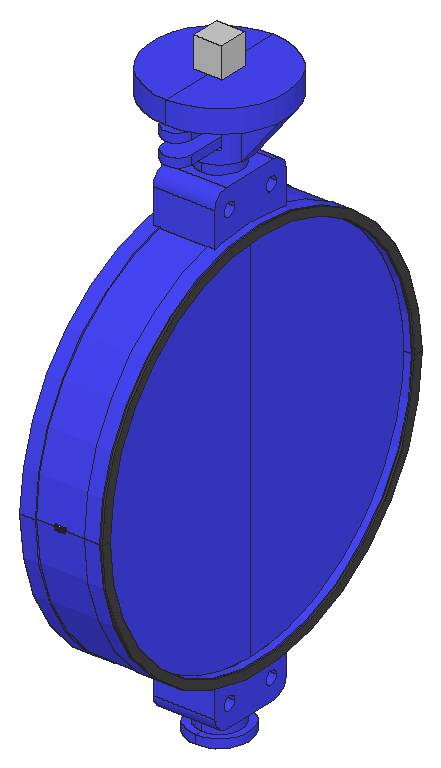
Revit family "926-12-001-DN50-1000", category Pipe Accessories, Revit 2022
Family settings
  Round Connector Dimension = Use Diameter
  Part Type = Valve - Breaks Into
  Work Plane-Based = No
  Always vertical = Yes
  Cut with Voids When Loaded = No
  Shared = No
Parameters (values of type "DN1000_PN10")
  total_FL_legth = A - L  # 208.5 mm
  rib_Loctn = Body_rib_L * 0.4  # 46 mm
  logo = Bore_R + Body_T + 2 mm  # 522 mm
  bottom_Shaft_T = Body_rib_W * 0.4  # 22 mm
  bottom_Shaft_R = Body_rib_L * 0.68  # 78.2 mm
  Wedge = A / 1.3  # 166.154 mm
  URL_product_pages = "https://www.avkvalves.com/P.aspx?no=92605012020140100000"
  Top_Rib = D / 2  # 37.5 mm
  Top_Flange_R_T = Slot_T * 2  # 44 mm
  Top_Flange_R = size_lookup(Search_table, "Top_Flange_R", 0 mm, DN)  # 175 mm
  Top _Flange_dim2 = Body_shaft_R3_T * 2  # 66 mm
  Top _Flange_dim1 = Body_shaft_R3 * 0.68  # 50.83 mm
  Slot_dim1 = size_lookup(Search_table, "Slot_dim1", 0 mm, DN)  # 15 mm
  Slot_T = size_lookup(Search_table, "Slot_T", 0 mm, DN)  # 22 mm
  Search_table = "926-12-001-DN50-1000"
  Seal_R = (FL_R - Bore_R) / 2  # 11 mm
  Rib_T = (FL_T - Raised_dis) / 1.5  # 23.333 mm
  Rib_R = D / 2  # 37.5 mm
  Raised_dis = size_lookup(Search_table, "Raised_dis", 0 mm, DN)  # 5 mm
  Raised_R = size_lookup(Search_table, "Raised_R", 0 mm, DN)  # 556 mm
  PCD = size_lookup(Search_table, "PCD", 0 mm, DN)  # 1160 mm
  L = Raised_dis * 1.5  # 7.5 mm
  Hole_R = size_lookup(Search_table, "Hole_R", 0 mm, DN)  # 18.5 mm
  FL_T = size_lookup(Search_table, "FL_T", 0 mm, DN)  # 40 mm
  FL_R = size_lookup(Search_table, "FL_R", 0 mm, DN)  # 522 mm
  E = size_lookup(Search_table, "E", 0 mm, DN)  # 80 mm
  Description_ = "AVK DBL. ECC. BUTTERFLY VALVE, WAFER, API609B, PN10/16"
  Default Elevation = 0 mm
  DN700_PN16 = "926-700-12-020020100000"
  DN700_PN10 = "926-700-12-010020100000"
  DN600_PN16 = "926-600-12-020040100000"
  DN600_PN10 = "926-600-12-010040100000"
  DN500_PN16 = "926-500-12-020040100000"
  DN500_PN10 = "926-500-12-010040100000"
  DN450_PN16 = "926-450-12-020040100000"
  DN450_PN10 = "926-450-12-010040100000"
  DN400_PN16 = "926-400-12-020040100000"
  DN400_PN10 = "926-400-12-010040100000"
  DN350_PN16 = "926-350-12-020040100000"
  DN350_PN10 = "926-350-12-010040100000"
  DN300_PN16 = "926-300-12-020040100000"
  DN300_PN10 = "926-300-12-010040100000"
  DN250_PN16 = "926-250-12-020040100000"
  DN250_PN10 = "926-250-12-010040100000"
  DN200_PN16 = "926-200-12-020040100000"
  DN200_PN10 = "926-200-12-010040100000"
  DN150_PN10/16 = "926-150-12-020040100000"
  DN100_PN10/16 = "926-100-12-020140100000"
  DN1000_PN16 = "926-A10-12-020020100000"
  DN1000_PN10 = "926-A10-12-010020100000"
  DN080_PN10/16 = "926-080-12-020140100000"
  DN050_PN10/16 = "926-050-12-020140100000"
  DN = 1000 mm
  D = size_lookup(Search_table, "D", 0 mm, DN)  # 75 mm
  C = size_lookup(Search_table, "C", 0 mm, DN)  # 856 mm
  Bore_R = size_lookup(Search_table, "Bore_R", 0 mm, DN)  # 500 mm
  Body_shaft_R3_T = size_lookup(Search_table, "Body_shaft_R3_T", 0 mm, DN)  # 33 mm
  Body_shaft_R3 = Body_shaft_R2 * 1.3  # 74.75 mm
  Body_shaft_R2_T = D * 0.8  # 60 mm
  Body_shaft_R2 = Body_rib_L * 0.5  # 57.5 mm
  Body_shaft_R1 = (total_FL_legth - FL_T) / 2  # 84.25 mm
  Body_rib_W = size_lookup(Search_table, "Body_rib_W", 0 mm, DN)  # 55 mm
  Body_rib_L = size_lookup(Search_table, "Body_rib_L", 0 mm, DN)  # 115 mm
  Body_end_shaft_R = (total_FL_legth - 2 * Raised_dis) / 2  # 99.25 mm
  Body_T = size_lookup(Search_table, "Body_T", 0 mm, DN)  # 20 mm
  B = size_lookup(Search_table, "B", 0 mm, DN)  # 700 mm
  A = size_lookup(Search_table, "A", 0 mm, DN)  # 216 mm
Types (25, lengths in mm): name | total_FL_legth | rib_Loctn | logo | bottom_Shaft_T | bottom_Shaft_R | Wedge | Top_Rib | Top_Flange_R_T | Top_Flange_R | Top _Flange_dim2 | Top _Flange_dim1 | Slot_dim1 | Slot_T | Seal_R | Rib_T | Rib_R | Raised_dis | Raised_R | PCD | L | Hole_R | FL_T | FL_R | E | DN700_PN16 | DN700_PN10 | DN600_PN10 | DN1000_PN16 | DN1000_PN10 | DN080_PN10/16 | DN | D | C | Bore_R | Body_shaft_R3_T | Body_shaft_R3 | Body_shaft_R2_T | Body_shaft_R2 | Body_shaft_R1 | Body_rib_W | Body_rib_L | Body_end_shaft_R | Body_T | B | A
  (no name) | 208.5 | 46 | 522 | 22 | 78.2 | 166.154 | 37.5 | 44 | 175 | 66 | 50.83 | 15 | 22 | 11 | 23.333 | 37.5 | 5 | 556 | 1160 | 7.5 | 18.5 | 40 | 522 | 80 | "926-700-12-020020100000" | "926-700-12-010020100000" | "926-600-12-010040100000" | "926-A10-12-020020100000" | "926-A10-12-010020100000" | "926-080-12-020140100000" | 1000 | 75 | 856 | 500 | 33 | 74.75 | 60 | 57.5 | 84.25 | 55 | 115 | 99.25 | 20 | 700 | 216
  DN500_PN10 | 121 | 34.8 | 267 | 15.2 | 59.16 | 97.692 | 23 | 44 | 105 | 40 | 38.454 | 9 | 22 | 14.5 | 15 | 23 | 4 | 291 | 620 | 6 | 14 | 26.5 | 279 | 65 | "926-700-12-020040100000" | "926-700-12-020040100000" | "926-600-12-020040100000" | "926-080-12-020140100000" | "926-A10-12-020140100000" | "926-A10-12-020140100000" | 500 | 46 | 511 | 250 | 20 | 56.55 | 36.8 | 43.5 | 47.25 | 38 | 87 | 56.5 | 15 | 380 | 127
  DN050_PN10/16 | 40 | 6 | 35 | 3.2 | 10.2 | 33.077 | 4.5 | 12 | 45 | 8 | 6.63 | 4 | 6 | 14.5 | 4 | 4.5 | 2 | 49.5 | 120 | 3 | 4 | 8 | 54 | 18 | "926-700-12-020040100000" | "926-700-12-020040100000" | "926-600-12-020040100000" | "926-080-12-020140100000" | "926-A10-12-020140100000" | "926-A10-12-020140100000" | 50 | 9 | 110 | 25 | 4 | 9.75 | 7.2 | 7.5 | 16 | 8 | 15 | 18 | 8 | 80 | 43
  DN080_PN10/16 | 43 | 8 | 50 | 4.8 | 13.6 | 35.385 | 4.5 | 28 | 45 | 8 | 8.84 | 15 | 14 | 16 | 4 | 4.5 | 2 | 66 | 160 | 3 | 5 | 8 | 72 | 18 | "926-700-12-020040100000" | "926-700-12-020040100000" | "926-600-12-020040100000" | "926-080-12-020140100000" | "926-A10-12-020140100000" | "926-A10-12-020140100000" | 80 | 9 | 185 | 40 | 4 | 13 | 7.2 | 10 | 17.5 | 12 | 20 | 19.5 | 8 | 110 | 46
  DN100_PN10/16 | 49 | 10 | 62 | 6 | 17 | 40 | 5.5 | 28 | 45 | 10 | 11.05 | 15 | 14 | 15.5 | 4 | 5.5 | 2 | 78 | 180 | 3 | 6 | 8 | 81 | 20 | "926-700-12-020040100000" | "926-700-12-020040100000" | "926-600-12-020040100000" | "926-080-12-020140100000" | "926-A10-12-020140100000" | "926-A10-12-020140100000" | 100 | 11 | 202 | 50 | 5 | 16.25 | 8.8 | 12.5 | 20.5 | 15 | 25 | 22.5 | 10 | 130 | 52
  DN200_PN10 | 55.5 | 20.8 | 114 | 8.8 | 35.36 | 46.154 | 11 | 30 | 62.5 | 20 | 22.984 | 21 | 15 | 16.375 | 11.333 | 11 | 3 | 133 | 295 | 4.5 | 11.5 | 20 | 132.75 | 30 | "926-700-12-020040100000" | "926-700-12-020040100000" | "926-600-12-020040100000" | "926-080-12-020140100000" | "926-A10-12-020140100000" | "926-A10-12-020140100000" | 200 | 22 | 320 | 100 | 10 | 33.8 | 17.6 | 26 | 17.75 | 22 | 52 | 24.75 | 12 | 200 | 60
  DN200_PN16 | 55.5 | 20.8 | 116 | 8.8 | 35.36 | 46.154 | 11 | 50 | 62.5 | 20 | 22.984 | 21 | 25 | 16.375 | 11.333 | 11 | 3 | 133 | 295 | 4.5 | 11.5 | 20 | 132.75 | 30 | "926-700-12-020040100000" | "926-700-12-020040100000" | "926-600-12-020040100000" | "926-080-12-020140100000" | "926-A10-12-020140100000" | "926-A10-12-020140100000" | 200.1 | 22 | 320 | 100 | 10 | 33.8 | 17.6 | 26 | 17.75 | 22 | 52 | 24.75 | 14 | 200 | 60
  DN250_PN10 | 63.5 | 22.4 | 141 | 9.6 | 38.08 | 52.308 | 13.5 | 40 | 75 | 24 | 24.752 | 6 | 20 | 16.25 | 12.667 | 13.5 | 3 | 159.5 | 350 | 4.5 | 11.5 | 22 | 157.5 | 36 | "926-700-12-020040100000" | "926-700-12-020040100000" | "926-600-12-020040100000" | "926-080-12-020140100000" | "926-A10-12-020140100000" | "926-A10-12-020140100000" | 250 | 27 | 340 | 125 | 12 | 36.4 | 21.6 | 28 | 20.75 | 24 | 56 | 28.75 | 14 | 222 | 68
  DN250_PN16 | 63.5 | 22.4 | 131 | 9.6 | 38.08 | 52.308 | 13.5 | 40 | 75 | 24 | 24.752 | 6 | 20 | 17.375 | 12.667 | 13.5 | 3 | 159.5 | 355 | 4.5 | 11 | 22 | 159.75 | 36 | "926-700-12-020040100000" | "926-700-12-020040100000" | "926-600-12-020040100000" | "926-080-12-020140100000" | "926-A10-12-020140100000" | "926-A10-12-020140100000" | 250.1 | 27 | 340 | 125 | 12 | 36.4 | 21.6 | 28 | 20.75 | 24 | 56 | 28.75 | 4 | 222 | 68
  DN300_PN10 | 72 | 24 | 166 | 12 | 40.8 | 60 | 13.5 | 40 | 75 | 24 | 26.52 | 6 | 20 | 15 | 13.667 | 13.5 | 4 | 185 | 400 | 6 | 11.5 | 24.5 | 180 | 41 | "926-700-12-020040100000" | "926-700-12-020040100000" | "926-600-12-020040100000" | "926-080-12-020140100000" | "926-A10-12-020140100000" | "926-A10-12-020140100000" | 300 | 27 | 390 | 150 | 12 | 39 | 21.6 | 30 | 23.75 | 30 | 60 | 32 | 14 | 260 | 78
  DN300_PN16 | 72 | 24 | 166 | 12 | 40.8 | 60 | 13.5 | 40 | 75 | 24 | 26.52 | 6 | 20 | 17.25 | 13.667 | 13.5 | 4 | 185 | 410 | 6 | 12 | 24.5 | 184.5 | 41 | "926-700-12-020040100000" | "926-700-12-020040100000" | "926-600-12-020040100000" | "926-080-12-020140100000" | "926-A10-12-020140100000" | "926-A10-12-020140100000" | 300.1 | 27 | 390 | 150 | 12 | 39 | 21.6 | 30 | 23.75 | 30 | 60 | 32 | 14 | 260 | 78
  DN350_PN10 | 72 | 26.8 | 191 | 12.4 | 45.56 | 60 | 18 | 44 | 75 | 32 | 29.614 | 7 | 22 | 16 | 13.667 | 18 | 4 | 214.5 | 460 | 6 | 11.5 | 24.5 | 207 | 41 | "926-700-12-020040100000" | "926-700-12-020040100000" | "926-600-12-020040100000" | "926-080-12-020140100000" | "926-A10-12-020140100000" | "926-A10-12-020140100000" | 350 | 36 | 420 | 175 | 16 | 43.55 | 28.8 | 33.5 | 23.75 | 31 | 67 | 32 | 14 | 290 | 78
  DN350_PN16 | 72 | 26.8 | 191 | 12.4 | 45.56 | 60 | 18 | 44 | 75 | 32 | 29.614 | 7 | 22 | 18.25 | 15 | 18 | 4 | 214.5 | 470 | 6 | 13 | 26.5 | 211.5 | 41 | "926-700-12-020040100000" | "926-700-12-020040100000" | "926-600-12-020040100000" | "926-080-12-020140100000" | "926-A10-12-020140100000" | "926-A10-12-020140100000" | 350.1 | 36 | 420 | 175 | 16 | 43.55 | 28.8 | 33.5 | 22.75 | 31 | 67 | 32 | 14 | 290 | 78
  DN400_PN10 | 96 | 28 | 217 | 16.8 | 47.6 | 78.462 | 18 | 44 | 87.5 | 32 | 30.94 | 7 | 22 | 15.875 | 13.667 | 18 | 4 | 240 | 515 | 6 | 14 | 24.5 | 231.75 | 41 | "926-700-12-020040100000" | "926-700-12-020040100000" | "926-600-12-020040100000" | "926-080-12-020140100000" | "926-A10-12-020140100000" | "926-A10-12-020140100000" | 400 | 36 | 451 | 200 | 16 | 45.5 | 28.8 | 35 | 35.75 | 42 | 70 | 44 | 15 | 350 | 102
  DN400_PN16 | 96 | 28 | 217 | 16.8 | 47.6 | 78.462 | 18 | 44 | 87.5 | 32 | 30.94 | 7 | 22 | 18.125 | 16 | 18 | 4 | 240 | 525 | 6 | 14 | 28 | 236.25 | 41 | "926-700-12-020040100000" | "926-700-12-020040100000" | "926-600-12-020040100000" | "926-080-12-020140100000" | "926-A10-12-020140100000" | "926-A10-12-020140100000" | 400.1 | 36 | 451 | 200 | 16 | 45.5 | 28.8 | 35 | 34 | 42 | 70 | 44 | 15 | 350 | 102
  DN450_PN10 | 108 | 31.2 | 243 | 16.4 | 53.04 | 87.692 | 18 | 44 | 105 | 32 | 34.476 | 7 | 22 | 14.625 | 14.333 | 18 | 4 | 265 | 565 | 6 | 14 | 25.5 | 254.25 | 38 | "926-700-12-020040100000" | "926-700-12-020040100000" | "926-600-12-020040100000" | "926-080-12-020140100000" | "926-A10-12-020140100000" | "926-A10-12-020140100000" | 450 | 36 | 492 | 225 | 16 | 50.7 | 28.8 | 39 | 41.25 | 41 | 78 | 50 | 16 | 360 | 114
  DN450_PN16 | 108 | 31.2 | 243 | 16.4 | 53.04 | 87.692 | 18 | 44 | 105 | 32 | 34.476 | 7 | 22 | 19.125 | 17.333 | 18 | 4 | 274 | 585 | 6 | 15 | 30 | 263.25 | 38 | "926-700-12-020040100000" | "926-700-12-020040100000" | "926-600-12-020040100000" | "926-080-12-020140100000" | "926-A10-12-020140100000" | "926-A10-12-020140100000" | 450.1 | 36 | 492 | 225 | 16 | 50.7 | 28.8 | 39 | 39 | 41 | 78 | 50 | 16 | 360 | 114
  DN500_PN16 | 121 | 34.8 | 267 | 15.2 | 59.16 | 97.692 | 23 | 44 | 105 | 40 | 38.454 | 9 | 22 | 21.25 | 18.333 | 23 | 4 | 304.5 | 650 | 6 | 16 | 31.5 | 292.5 | 65 | "926-700-12-020020100000" | "926-700-12-020020100000" | "926-600-12-020040100000" | "926-080-12-020120100000" | "926-A10-12-020120100000" | "926-A10-12-020140100000" | 500.1 | 46 | 511 | 250 | 20 | 56.55 | 36.8 | 43.5 | 44.75 | 38 | 87 | 56.5 | 15 | 380 | 127
  DN600_PN10 | 146.5 | 38.8 | 319 | 18 | 65.96 | 118.462 | 27.5 | 30 | 150 | 48 | 42.874 | 11 | 15 | 13.125 | 16.667 | 27.5 | 5 | 341 | 725 | 7.5 | 15.5 | 30 | 326.25 | 70 | "926-700-12-020040100000" | "926-700-12-020040100000" | "926-600-12-020040100000" | "926-080-12-020140100000" | "926-A10-12-020140100000" | "926-A10-12-020140100000" | 600 | 55 | 561 | 300 | 24 | 63.05 | 44 | 48.5 | 58.25 | 45 | 97 | 68.25 | 17 | 450 | 154
  DN600_PN16 | 146.5 | 38.8 | 319 | 12 | 65.96 | 118.462 | 27.5 | 30 | 150 | 20 | 42.874 | 11 | 15 | 23.25 | 20.667 | 27.5 | 5 | 360 | 750 | 7.5 | 15.5 | 36 | 346.5 | 70 | "926-700-12-020040100000" | "926-700-12-020040100000" | "926-600-12-020040100000" | "926-080-12-020140100000" | "926-A10-12-020140100000" | "926-A10-12-020140100000" | 600.1 | 55 | 561 | 300 | 10 | 63.05 | 44 | 48.5 | 55.25 | 30 | 97 | 68.25 | 17 | 450 | 154
  DN700_PN10 | 157.5 | 42 | 370 | 16 | 71.4 | 126.923 | 40 | 30 | 150 | 70 | 46.41 | 16 | 15 | 14 | 18.333 | 40 | 5 | 397 | 840 | 7.5 | 15.5 | 32.5 | 378 | 110 | "926-700-12-020040100000" | "926-700-12-020040100000" | "926-600-12-020040100000" | "926-080-12-020140100000" | "926-A10-12-020140100000" | "926-A10-12-020140100000" | 700 | 80 | 655 | 350 | 35 | 68.25 | 64 | 52.5 | 62.5 | 40 | 105 | 73.75 | 18 | 500 | 165
  DN700_PN16 | 157.5 | 42 | 370 | 16 | 71.4 | 126.923 | 40 | 30 | 150 | 70 | 46.41 | 16 | 15 | 14 | 18.333 | 40 | 5 | 397 | 840 | 7.5 | 15.5 | 32.5 | 378 | 110 | "926-700-12-020040100000" | "926-700-12-020040100000" | "926-600-12-020040100000" | "926-080-12-020140100000" | "926-A10-12-020140100000" | "926-A10-12-020140100000" | 700 | 80 | 655 | 350 | 35 | 68.25 | 64 | 52.5 | 62.5 | 40 | 105 | 73.75 | 18 | 500 | 165
  DN150_PN10/16 | 53 | 12.8 | 89 | 8 | 21.76 | 43.077 | 8.5 | 44 | 62.5 | 14 | 14.144 | 18 | 22 | 16.5 | 5.333 | 8.5 | 2 | 105.5 | 240 | 3 | 8 | 10 | 108 | 27 | "926-700-12-020040100000" | "926-700-12-020040100000" | "926-600-12-020040100000" | "926-080-12-020140100000" | "926-A10-12-020140100000" | "926-A10-12-020140100000" | 150 | 17 | 280 | 75 | 7 | 20.8 | 13.6 | 16 | 21.5 | 20 | 32 | 24.5 | 12 | 170 | 56
  DN1000_PN10 | 208.5 | 46 | 522 | 22 | 78.2 | 166.154 | 37.5 | 44 | 175 | 66 | 50.83 | 15 | 22 | 11 | 23.333 | 37.5 | 5 | 556 | 1160 | 7.5 | 18.5 | 40 | 522 | 80 | "926-700-12-020020100000" | "926-700-12-010020100000" | "926-600-12-010040100000" | "926-A10-12-020020100000" | "926-A10-12-010020100000" | "926-080-12-020140100000" | 1000 | 75 | 856 | 500 | 33 | 74.75 | 60 | 57.5 | 84.25 | 55 | 115 | 99.25 | 20 | 700 | 216
  DN1000_PN16 | 208.5 | 46 | 522 | 22 | 78.2 | 166.154 | 37.5 | 44 | 175 | 66 | 50.83 | 15 | 22 | 13.25 | 30 | 37.5 | 5 | 556 | 1170 | 7.5 | 18.5 | 50 | 526.5 | 80 | "926-700-12-020040100000" | "926-700-12-020040100000" | "926-600-12-020040100000" | "926-080-12-020140100000" | "926-A10-12-020140100000" | "926-A10-12-020140100000" | 1000.1 | 75 | 856 | 500 | 33 | 74.75 | 60 | 57.5 | 79.25 | 55 | 115 | 99.25 | 20 | 700 | 216
Reference planes
  plane 1 "Center (Front/Back)": y = 0
  plane 2: z = 0
  plane 3 "Center (Left/Right)": x = 0
  plane 4: z = -580
  plane 5: z = 580
  plane 6: x = -104.25
  plane 7: x = 104.25
  plane 8: y = 580
  plane 9: y = -580
  plane 10: x = -104.25
  plane 11: x = 104.25
  plane 12: x = -80.917
  plane 13: x = 80.917
  plane 14: z = -700
  plane 15: y = 115
  plane 16: y = -115
  plane 17: z = -635
  plane 18: z = 635
  plane 19: z = 635
  plane 20: z = 856
  plane 21: y = 23
  plane 22: y = -23
  plane 23: z = 856
  plane 24: z = 936
  plane 25: y = 37.5
  plane 26: y = -37.5
  plane 27: x = -37.5
  plane 28: x = 37.5
  plane 29: z = 796
  plane 30: z = 635
  plane 31: x = -18.75
  plane 32: x = 18.75
  plane 33: z = 500
  plane 34: z = -500
  plane 35: z = 701
  plane 36: z = 635
  plane 37: z = 500
  plane 38: z = 522
  plane 39: z = 796
  plane 40: z = 679
  plane 41: z = 781
  plane 42: z = 759
  plane 43: y = 522
  plane 44: y = 522
  plane 45: y = -522
  plane 46: y = 18.75
  plane 47: y = -18.75
  plane 48: x = -37.5
  plane 49: x = 37.5
  plane 50: x = -108
  plane 51: x = 108
Forms (mm)
  Revolve 1, solid, material "Default"
    sketch origin (0, 0, 0) x (1, 0, 0) y (0, 1, 0)
      loop
        line (-104.25, 500) -> (104.25, 500) -> (104.25, 522) -> (64.25, 522) -> (64.25, 520) -> (-64.25, 520) -> (-64.25, 522) -> (-104.25, 522) -> (-104.25, 500)
      axis (-104.25, 0) -> (104.25, 0)
    angle from 0 to 360
  Revolve 2, solid, material "Default Roof"
    sketch origin (0, 0, 0) x (1, 0, 0) y (0, 1, 0)
      loop
        line (104.25, 522) -> (104.25, 500) -> (111.75, 500) -> (111.75, 522) -> (104.25, 522)
      axis (111.75, 0) -> (104.25, 0)
    angle from 0 to 360
  Extrusion 3, solid, material "Default"
    sketch origin (0, 0, 0) x (0, 1, 0) y (0, 0, 1)
      loop
        line (77.5, 635) -> (-77.5, 635)
        arc (-77.5, 635) -> (-104.017, 624.017) -> (-115, 597.5) r 37.5
        line (-115, 597.5) -> (-115, -597.5)
        arc (-115, -597.5) -> (-104.017, -624.017) -> (-77.5, -635) r 37.5
        line (-77.5, -635) -> (77.5, -635)
        arc (77.5, -635) -> (104.017, -624.017) -> (115, -597.5) r 37.5
        line (115, -597.5) -> (115, 597.5)
        arc (115, 597.5) -> (104.017, 624.017) -> (77.5, 635) r 37.5
    from -80.917 to 80.917
  Revolve 4, solid, material "Default"
    sketch origin (0, 0, 0) x (0, 1, 0) y (0, 0, 1)
      loop
        line (0, -700) -> (0, -635) -> (-57.5, -635) -> (-57.5, -678) -> (-78.2, -678) -> (-78.2, -700) -> (0, -700)
      axis (0, -635) -> (0, -700)
    angle from 0 to 360
  Extrusion 5, void
    sketch origin (0, 2.804, 16.825) x (0, -1, 0) y (0, 0, 1)
      loop
        circle (-66.196, -596.825) r 18.5
      loop
        circle (71.804, -596.825) r 18.5
      loop
        circle (-66.196, 563.175) r 18.5
      loop
        circle (71.804, 563.175) r 18.5
    from -104.25 to 424.302
  Revolve 6, solid, material "Default"
    sketch origin (0, 0, 0) x (0, 1, 0) y (0, 0, 1)
      loop
        line (0, 635) -> (0, 856) -> (-175, 856) -> (-175, 796) -> (-57.5, 796) -> (-57.5, 635) -> (0, 635)
      axis (0, 856) -> (0, 635)
    angle from 0 to 360
  Extrusion 7, solid, material "Laminate, White"
    sketch origin (0, 0, 0) x (0, 1, 0) y (0, 0, 1)
      loop
        line (37.5, 936) -> (-37.5, 936) -> (-37.5, 856) -> (37.5, 856) -> (37.5, 936)
    from -37.5 to 37.5
  Revolve 8, solid, material "Default"
    sketch origin (0, 0, 0) x (0, 1, 0) y (0, 0, 1)
      loop
        line (-74.75, 796) -> (-74.75, 668) -> (0, 668) -> (0, 796) -> (-74.75, 796)
      axis (0, 796) -> (0, 668)
    angle from 0 to 360
  Revolve 9, solid, material "Default"
    sketch origin (0, 0, 0) x (0, 1, 0) y (0, 0, 1)
      loop
        line (0, 796) -> (-57.5, 796) -> (-57.5, 701) -> (0, 701) -> (0, 796)
      axis (0, 701) -> (0, 796)
    angle from 0 to 360
  Revolve 10, void
    sketch origin (0, 0, 0) x (1, 0, 0) y (0, 1, 0)
      loop
        line (-108, 500) -> (-108, 0) -> (108, 0) -> (108, 500) -> (-108, 500)
      axis (108, 0) -> (-108, 0)
    angle from 0 to 360
  Revolve 11, solid, material "Default"
    sketch origin (0, 0, 0) x (1, 0, 0) y (0, 0, 1)
      loop
        line (83.077, 500) -> (-83.077, 500) -> (-83.077, 0) -> (83.077, 0) -> (83.077, 500)
      axis (-83.077, 0) -> (83.077, 0)
    angle from 0 to 360
  Extrusion 12, solid, material "Default"
    sketch origin (0, 0, 0) x (1, 0, 0) y (0, 0, 1)
      loop
        line (-175, 796) -> (-74.75, 668) -> (74.75, 668) -> (175, 796) -> (-175, 796)
    from -18.75 to 18.75
  Extrusion 13, void
    sketch origin (0, 0, 0) x (-1, 0, 0) y (0, 0, 1)
      loop
        line (-50.83, 796) -> (-50.83, 701) -> (50.83, 701) -> (50.83, 796) -> (-50.83, 796)
    from -580 to 522
  Extrusion 14, solid, material "Default"
    sketch origin (0, 56.62, 701) x (0, 1, 0) y (-1, 0, 0)
      loop
        arc (-194.12, 37.5) -> (-231.62, 0) -> (-194.12, -37.5) r 37.5
        line (-194.12, -37.5) -> (80.88, -37.5)
        arc (80.88, -37.5) -> (118.38, 0) -> (80.88, 37.5) r 37.5
        line (80.88, 37.5) -> (-194.12, 37.5)
    from 0 to 22
  Extrusion 15, solid, material "Default"
    sketch origin (0, 119.879, 796) x (0, 1, 0) y (-1, 0, 0)
      loop
        arc (17.621, -37.5) -> (55.121, 0) -> (17.621, 37.5) r 37.5
        line (17.621, 37.5) -> (-257.379, 37.5)
        arc (-257.379, 37.5) -> (-294.879, 0) -> (-257.379, -37.5) r 37.5
        line (-257.379, -37.5) -> (17.621, -37.5)
    from -15 to -37
Cuts and joins
  Extrusion 5, Revolve 10 cuts Extrusion 3
  Revolve 10 cuts Revolve 1
  Revolve 10 cuts Revolve 2
  Extrusion 13 cuts Revolve 6
  Extrusion 13 cuts Revolve 8
  Extrusion 13 cuts Revolve 9
  Extrusion 13 cuts Extrusion 12
Dimensions and locks
  equal spacing: plane 5, level, plane 4
  "PCD": plane 5 to plane 4
  equal spacing: Revolve 1 sketch curve, plane 3 "Center (Left/Right)", Revolve 1 sketch curve  (x2)
  "Bore_R": plane 1 "Center (Front/Back)" to Revolve 1 sketch curve
  "FL_R": plane 1 "Center (Front/Back)" to Revolve 1 sketch curve
  "total_FL_legth": Revolve 1 sketch curve to Revolve 1 sketch curve
  "FL_T": Revolve 1 sketch curve to Revolve 1 sketch curve
  "Body_T": Revolve 1 sketch curve to Revolve 1 sketch curve
  equal spacing: plane 6, plane 3 "Center (Left/Right)", plane 7
  "total_FL_legth": plane 6 to plane 7
  "L": plane 7 to Revolve 2 sketch curve
  equal spacing: plane 8, plane 1 "Center (Front/Back)", plane 9
  "PCD": plane 8 to plane 9
  equal spacing: Extrusion 3 sketch curve, plane 1 "Center (Front/Back)", Extrusion 3 sketch curve
  "Body_rib_L": plane 1 "Center (Front/Back)" to Extrusion 3 sketch curve
  "Body_rib_W": plane 4 to Extrusion 3 sketch curve
  "Body_rib_W": Extrusion 3 sketch curve to plane 5
  equal spacing: Extrusion 3, plane 3 "Center (Left/Right)", Extrusion 3
  equal spacing: plane 11, plane 3 "Center (Left/Right)", plane 10
  "total_FL_legth": plane 11 to plane 10
  equal spacing: plane 12, plane 3 "Center (Left/Right)", plane 13
  "Rib_T": plane 12 to plane 10
  "B": level to plane 14
  "bottom_Shaft_R": plane 1 "Center (Front/Back)" to Revolve 4 sketch curve
  equal spacing: plane 15, plane 1 "Center (Front/Back)", plane 16
  "Body_rib_L": plane 15 to plane 1 "Center (Front/Back)"
  "Body_rib_W": plane 4 to plane 17
  "Body_rib_W": Extrusion 5 sketch curve to plane 17  (x2)
  "rib_Loctn": plane 15 to Extrusion 5 sketch curve  (x2)
  "rib_Loctn": Extrusion 5 sketch curve to plane 16  (x2)
  "Body_rib_W": plane 18 to plane 5
  "Body_rib_W": plane 18 to Extrusion 5 sketch curve  (x2)
  "Body_rib_W": plane 19 to plane 5
  "Body_shaft_R2": plane 1 "Center (Front/Back)" to Revolve 6 sketch curve
  "C": plane 20 to level
  "Top_Flange_R": plane 1 "Center (Front/Back)" to Revolve 6 sketch curve
  "Body_shaft_R2_T": plane 20 to Revolve 6 sketch curve
  "C": plane 23 to plane 2
  "E": plane 24 to plane 23
  equal spacing: plane 25, plane 1 "Center (Front/Back)", plane 26
  "D": plane 25 to plane 26
  equal spacing: plane 28, plane 3 "Center (Left/Right)", plane 27
  "D": plane 28 to plane 27
  "Body_shaft_R2_T": plane 23 to plane 29
  "Body_rib_W": plane 30 to plane 5
  "Body_shaft_R3": plane 1 "Center (Front/Back)" to Revolve 8 sketch curve
  "Body_shaft_R3_T": Revolve 8 sketch curve to plane 30
  equal spacing: plane 32, plane 3 "Center (Left/Right)", plane 31
  "Top_Rib": plane 32 to plane 31
  equal spacing: plane 33, level, plane 34
  "Bore_R": plane 33 to level
  "Bore_R": plane 37 to level
  "FL_R": plane 38 to level
  "Body_rib_W": plane 36 to plane 5
  "Top _Flange_dim2": plane 35 to plane 36
  "Body_shaft_R2_T": plane 23 to plane 39
  "Slot_T": plane 35 to plane 40
  "Slot_dim1": plane 39 to plane 41
  "Slot_T": plane 41 to plane 42
  "Body_shaft_R2": plane 1 "Center (Front/Back)" to Revolve 9 sketch curve
  "Body_rib_W": plane 4 to Revolve 4 sketch curve
  "bottom_Shaft_T": Revolve 4 sketch curve to plane 14
  "Body_shaft_R2": plane 1 "Center (Front/Back)" to Revolve 4 sketch curve
  equal spacing: Revolve 10 sketch curve, plane 3 "Center (Left/Right)", Revolve 10 sketch curve
  "A": Revolve 10 sketch curve to Revolve 10 sketch curve
  "Bore_R": plane 1 "Center (Front/Back)" to Revolve 10 sketch curve
  equal spacing: Revolve 11 sketch curve, plane 3 "Center (Left/Right)", Revolve 11 sketch curve
  "Wedge": Revolve 11 sketch curve to Revolve 11 sketch curve
  "Bore_R": level to Revolve 11 sketch curve
  "FL_R": plane 43 to plane 1 "Center (Front/Back)"
  "FL_R": plane 44 to plane 1 "Center (Front/Back)"
  "Bore_R": plane 1 "Center (Front/Back)" to Revolve 2 sketch curve
  "logo": plane 1 "Center (Front/Back)" to plane 45
  equal spacing: Extrusion 12 sketch curve, plane 3 "Center (Left/Right)", Extrusion 12 sketch curve  (x2)
  "Body_shaft_R2_T": plane 23 to Extrusion 12 sketch curve
  "Top_Flange_R": Extrusion 12 sketch curve to plane 3 "Center (Left/Right)"
  "Body_shaft_R3": Extrusion 12 sketch curve to plane 3 "Center (Left/Right)"
  "Body_shaft_R3_T": Extrusion 12 sketch curve to plane 36
  equal spacing: plane 46, plane 1 "Center (Front/Back)", plane 47
  "Top_Rib": plane 46 to plane 47
  equal spacing: Extrusion 13 sketch curve, plane 3 "Center (Left/Right)", Extrusion 13 sketch curve
  "Top _Flange_dim1": plane 3 "Center (Left/Right)" to Extrusion 13 sketch curve
  "Top _Flange_dim2": plane 36 to Extrusion 13 sketch curve
  Extrusion 13 to plane 5 = 216 mm
  equal spacing: Extrusion 14 sketch curve, plane 3 "Center (Left/Right)", Extrusion 14 sketch curve
  equal spacing: plane 48, plane 3 "Center (Left/Right)", plane 49
  "D": plane 48 to plane 49
  equal spacing: Extrusion 14 sketch curve, plane 1 "Center (Front/Back)", Extrusion 14 sketch curve
  "Top_Flange_R": Extrusion 14 sketch curve to plane 1 "Center (Front/Back)"
  "Slot_T": Extrusion 14 to plane 35
  nested 1 to level = 6.199 mm
  equal spacing: plane 51, plane 3 "Center (Left/Right)", plane 50
  "A": plane 51 to plane 50
  level to plane 14 = 700 mm
  plane 23 to level = 856 mm
  Extrusion 7 to Extrusion 7 = 75 mm
  plane 24 to plane 23 = 80 mm
  "Rib_R": radius of Extrusion 3 sketch curve  (x4)
  "Hole_R": radius of Extrusion 5 sketch curve  (x4)
  aligned and locked: level to plane 2
  aligned and locked: plane 1 "Center (Front/Back)" to Revolve 1 sketch curve
  aligned and locked: Revolve 1 sketch curve to Revolve 1 sketch curve
  aligned and locked: plane 7 to Revolve 2 sketch curve
  aligned and locked: Revolve 2 sketch curve to plane 1 "Center (Front/Back)"
  aligned and locked: Extrusion 3 to plane 12
  aligned and locked: plane 1 "Center (Front/Back)" to Revolve 4 sketch curve  (x2)
  aligned and locked: plane 14 to Revolve 4 sketch curve
  aligned and locked: Extrusion 5 to Revolve 1
  aligned and locked: plane 1 "Center (Front/Back)" to Revolve 6 sketch curve  (x2)
  aligned and locked: plane 19 to Revolve 6 sketch curve
  aligned and locked: plane 23 to Extrusion 7 sketch curve
  aligned and locked: Extrusion 7 sketch curve to plane 24
  aligned and locked: plane 25 to Extrusion 7 sketch curve
  aligned and locked: Extrusion 7 sketch curve to plane 26
  aligned and locked: Extrusion 7 to plane 27
  aligned and locked: plane 28 to Extrusion 7
  aligned and locked: plane 29 to Revolve 8 sketch curve
  aligned and locked: plane 1 "Center (Front/Back)" to Revolve 8 sketch curve
  aligned and locked: plane 1 "Center (Front/Back)" to Revolve 9 sketch curve
  aligned and locked: plane 35 to Revolve 9 sketch curve
  aligned and locked: Revolve 9 sketch curve to plane 39
  aligned and locked: Revolve 9 sketch curve to plane 1 "Center (Front/Back)"
  aligned and locked: Revolve 10 sketch curve to plane 1 "Center (Front/Back)"  (x2)
  aligned and locked: level to Revolve 11 sketch curve
  aligned and locked: Revolve 11 sketch curve to plane 2
  aligned and locked: plane 43 to Revolve 2 sketch curve
  aligned and locked: Extrusion 12 to plane 46
  aligned and locked: Extrusion 12 to plane 47
  aligned and locked: Extrusion 13 sketch curve to plane 39
  aligned and locked: plane 44 to Extrusion 13
  aligned and locked: Extrusion 13 to plane 9
  aligned and locked: Extrusion 14 to plane 35
  aligned and locked: Extrusion 15 sketch curve to Extrusion 14  (x2)
  aligned and locked: Extrusion 15 to plane 42
  aligned and locked: plane 41 to Extrusion 15
  aligned and locked: plane 3 "Center (Left/Right)" to nested 1
  aligned and locked: cut or joined group of Revolve 6, Extrusion 13 to plane 23
Automatic sketch dimensions
  Revolve 1 sketch curve to plane 10 = 0.528 mm
  plane 51 to Revolve 1 sketch curve = 63.528 mm
  Revolve 2 sketch curve to plane 32 = 0.279 mm
  plane 51 to Revolve 2 sketch curve = 4.954 mm
  Revolve 4 sketch curve to Revolve 4 sketch curve = 3 mm
  Revolve 4 sketch curve to level = 10 mm
  Revolve 6 sketch curve to plane 20 = 0 mm
  Revolve 6 sketch curve to plane 14 = 49.404 mm
  Revolve 6 sketch curve to Revolve 6 sketch curve = 155 mm
  Revolve 8 sketch curve to plane 1 "Center (Front/Back)" = 0 mm
  Revolve 8 sketch curve to level = 0 mm
  Revolve 8 sketch curve to plane 37 = 2.5 mm
  plane 42 to Revolve 9 sketch curve = 0.174 mm
  Revolve 9 sketch curve to Revolve 9 sketch curve = 1 mm
  Revolve 10 sketch curve to plane 50 = 47.072 mm
  Revolve 10 sketch curve to Revolve 10 sketch curve = 20 mm
  Revolve 11 sketch curve to plane 50 = 6.888 mm
  Revolve 11 sketch curve to Revolve 11 sketch curve = 25 mm
  Extrusion 14 sketch curve to plane 27 = 0 mm
Nested families
  nested 1: "LXB=26X13" at (0, -520, 0.068) x (1, 0, 0) z (0, -1, 0.0001), type "LXB=26X13"
Connectors
  piping at (-104.25, 0, 0), diameter 1000, driven by "DN"
    settings: on Revolve 1, index 1, connector inside diameter 609.6 mm, connector length 0 mm, flow factor 0, pipe flow 0.0 L/s, pressure drop 0.0 Pa, fitting loss kfactor 0, connector angle 0.00°, fixture units 0, engagement length 0 mm, angle of deflection 0.00°, flow configuration 0, flow direction 0, fitting loss method 0, system type 7, joint type 0, gender type 0, connector reference index -1, connector utility 0, adjustable connector no, is connector primary yes, connector description ""
  piping at (111.75, 0, 0), diameter 1000, driven by "DN"
    settings: on Revolve 2, index 2, connector inside diameter 609.6 mm, connector length 0 mm, flow factor 0, pipe flow 0.0 L/s, pressure drop 0.0 Pa, fitting loss kfactor 0, connector angle 0.00°, fixture units 0, engagement length 0 mm, angle of deflection 0.00°, flow configuration 0, flow direction 0, fitting loss method 0, system type 7, joint type 0, gender type 0, connector reference index -1, connector utility 0, adjustable connector no, is connector primary no, connector description ""
Definition of nested family "LXB=26X13"
  Parameters (values of type "LXB=26X13")
    Default Elevation = 1219.2 mm
    6 = 6 mm  # constant formula
    4 = 4 mm  # constant formula
    3 = 3 mm  # constant formula
    26 = 26 mm  # constant formula
    2 = 2 mm  # constant formula
    13 = 13 mm  # constant formula
    12 = 14 mm  # constant formula
    1 = 1 mm  # constant formula
    0 = 0 mm  # 0.207 mm
  Reference planes
    plane 1 "Center (Front/Back)": y = 0
    plane 2: z = 0
    plane 3 "Center (Left/Right)": x = 0
    plane 4: y = 6
    plane 5: y = -6
    plane 6: y = 3
    plane 7: y = 4
    plane 8: x = -13
    plane 9: x = 14
  Forms (mm)
    Extrusion 1, solid
      sketch origin (0, 0, 0) x (1, 0, 0) y (0, 1, 0)
        loop
          line (-1219.2, 1219.2) -> (-1219.2, -1219.2) -> (1219.2, -1219.2) -> (1219.2, 1219.2) -> (-1219.2, 1219.2)
      from 0 to -304.8
    Extrusion 2, solid
      sketch origin (0, 0, 0) x (1, 0, 0) y (0, 1, 0)
        loop
          line (14, 3) -> (11.124, 3) -> (11.124, 1.94)
          arc (11.124, 1.94) -> (9.976, 0.511) -> (8.409, -0.438) r 5.268
          line (8.409, -0.438) -> (9.728, 3) -> (5.738, 3) -> (2.713, -6) -> (6, -6) -> (7.395, -3) -> (9.37, -6) -> (12.456, -6) -> (10.368, -2.577)
          arc (10.368, -2.577) -> (11.813, -1.557) -> (12.654, 0) r 3.874
          line (12.654, 0) -> (14, 0) -> (14, 3)
        loop
          line (-3, 6) -> (-13, 6) -> (-13, 4) -> (-5.37, 4) -> (-1.129, -6) -> (1.713, -6) -> (5.348, 4) -> (14, 4) -> (14, 6) -> (3, 6) -> (0, -1.873) -> (-3, 6)
        loop
          line (-5.946, 3) -> (-13, 3) -> (-13, 0) -> (-11.112, 0) -> (-13.834, -6) -> (-10.742, -6) -> (-10.076, -4) -> (-6.634, -4) -> (-6, -6) -> (-2.129, -6) -> (-5.946, 3)
        loop
          line (-8.386, -0.207) -> (-9.061, -2) -> (-7.774, -2) -> (-8.386, -0.207)
      from 0 to 2.299
  Dimensions and locks
    locked: Extrusion 2 to Extrusion 1 at 2.299
    equal spacing: plane 4, plane 1 "Center (Front/Back)", plane 5
    "6": plane 1 "Center (Front/Back)" to plane 4
    "3": Extrusion 2 sketch curve to plane 3 "Center (Left/Right)" to Extrusion 2 sketch curve
    "3": plane 1 "Center (Front/Back)" to plane 6
    "1": plane 7 to plane 6
    "6": plane 5 to plane 1 "Center (Front/Back)"
    "13": plane 8 to plane 3 "Center (Left/Right)"
    "12": plane 3 "Center (Left/Right)" to plane 9
    "1": Extrusion 2 sketch curve to Extrusion 2 sketch curve  (x2)
    locked: Extrusion 2 sketch curve to Extrusion 2 sketch curve at 1.073
    "2": Extrusion 2 sketch curve to plane 5
    "3": Extrusion 2 sketch curve to plane 5
    "4": Extrusion 2 sketch curve to plane 5
    locked: Extrusion 2 sketch curve to Extrusion 2 sketch curve at 1.154
    "6": Extrusion 2 sketch curve to plane 3 "Center (Left/Right)" to Extrusion 2 sketch curve
    "0": Extrusion 2 sketch curve to plane 1 "Center (Front/Back)"
    aligned and locked: plane 2 to Extrusion 1
    aligned and locked: level to Extrusion 1
    aligned and locked: Extrusion 2 sketch curve to plane 4  (x2)
    aligned and locked: plane 5 to Extrusion 2 sketch curve  (x3)
    aligned and locked: Extrusion 2 sketch curve to plane 5  (x2)
    aligned and locked: plane 6 to Extrusion 2 sketch curve
    aligned and locked: Extrusion 2 sketch curve to plane 6  (x2)
    aligned and locked: Extrusion 2 sketch curve to plane 7  (x2)
    aligned and locked: plane 1 "Center (Front/Back)" to Extrusion 2 sketch curve
    aligned and locked: plane 8 to Extrusion 2 sketch curve
    aligned and locked: Extrusion 2 sketch curve to plane 8
    aligned and locked: Extrusion 2 sketch curve to Extrusion 2 sketch curve
    aligned and locked: plane 9 to Extrusion 2 sketch curve
  Automatic sketch dimensions
    Extrusion 1 sketch curve to Extrusion 1 sketch curve = 2438.4 mm  (x2)
    Extrusion 2 sketch curve to plane 3 "Center (Left/Right)" = 0 mm
    plane 1 "Center (Front/Back)" to Extrusion 2 sketch curve = 0 mm
    Extrusion 2 sketch curve to plane 8 = 0.834 mm
    Extrusion 2 sketch curve to Extrusion 2 sketch curve = 1.888 mm
    plane 8 to Extrusion 2 sketch curve = 2.258 mm
    Extrusion 2 sketch curve to Extrusion 2 sketch curve = 0.666 mm
    Extrusion 2 sketch curve to Extrusion 2 sketch curve = 0.675 mm
    Extrusion 2 sketch curve to Extrusion 2 sketch curve = 1.287 mm
    Extrusion 2 sketch curve to Extrusion 2 sketch curve = 1.14 mm
    Extrusion 2 sketch curve to Extrusion 2 sketch curve = 0.634 mm
    Extrusion 2 sketch curve to Extrusion 2 sketch curve = 2.37 mm
    Extrusion 2 sketch curve to plane 3 "Center (Left/Right)" = 2.129 mm
    plane 3 "Center (Left/Right)" to Extrusion 2 sketch curve = 1.713 mm
    Extrusion 2 sketch curve to Extrusion 2 sketch curve = 2.348 mm
    plane 7 to Extrusion 2 sketch curve = 0.474 mm
    Extrusion 2 sketch curve to Extrusion 2 sketch curve = 1.157 mm
    Extrusion 2 sketch curve to Extrusion 2 sketch curve = 1.395 mm  (x2)
    plane 1 "Center (Front/Back)" to Extrusion 2 sketch curve = 0.438 mm
    Extrusion 2 sketch curve to Extrusion 2 sketch curve = 1.014 mm
    Extrusion 2 sketch curve to Extrusion 2 sketch curve = 0.506 mm
    Extrusion 2 sketch curve to Extrusion 2 sketch curve = 3.37 mm
    Extrusion 2 sketch curve to Extrusion 2 sketch curve = 0.813 mm
    Extrusion 2 sketch curve to Extrusion 2 sketch curve = 1.959 mm
    Extrusion 2 sketch curve to plane 9 = 1.544 mm
    Extrusion 2 sketch curve to plane 9 = 1.346 mm
    plane 1 "Center (Front/Back)" to Extrusion 2 sketch curve = 2.577 mm
    plane 1 "Center (Front/Back)" to Extrusion 2 sketch curve = 1.873 mm
